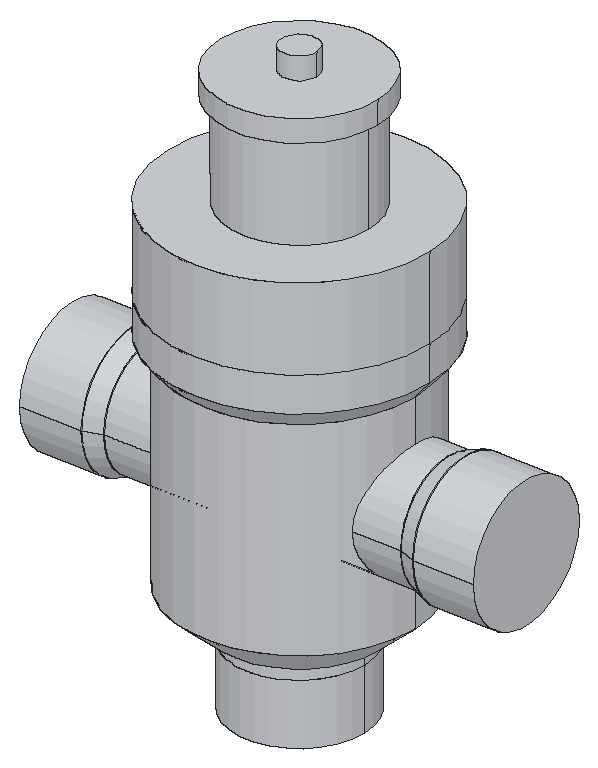
Revit family "VMX09P_DN15_PN16_RFA_2019", category Pipe Accessories, Revit 2019
Family settings
  Round Connector Dimension = Use Diameter
  Part Type = Valve - Breaks Into
  Work Plane-Based = No
  Always vertical = Yes
  Cut with Voids When Loaded = No
  Shared = No
Parameters (values of type "VMX09P G1/2  PN16 kvs0,25")
  magiProductId = ""
  magiProductFamilyId = ""
  magiPartTypeId = 320
  isMeasuringValve [instance] = no
  ang2D [instance] = 0.00°
  Z9 = 7 mm
  Z8 = 4 mm
  Z7__ve = -Z7  # -2.5 mm
  Z7 = 2.5 mm
  Z6 = 8.775 mm
  Z5 = 9.45 mm
  Z3 = 2 mm
  Z2 = 5 mm
  Z1 = 3.75 mm
  X4__ve = -X4  # -7 mm
  X4 = 7 mm
  X3 = 34 mm
  X1 = 5.2 mm
  W2D = 15 mm
  VersionID = ""
  Use Minimum Symbol Size [instance] = no
  URL = "www.hydronix.cz"
  Type Comments = "Závitový, vnější závit, ploché těsnění; LIN charakteristika; PN16; +5~+95°C; max.rychlost proudění 3,0 m/s"
  TL = 52 mm
  R9 = 9 mm
  R8 = 2 mm
  R7 = 15 mm
  R6 = 9 mm
  R5 = 10.214 mm
  R4 = 8.512 mm
  R3 = 7.5 mm
  R2 = 13.3 mm
  R10 = 8 mm
  R1 = 6.75 mm
  QmdConnectorList = "301;D;302;D;303;D"
  Productdata [instance] = ""
  Manufacturer = "Hydronix"
  MT = 1
  MC Product Code = "VMX09P (G1/2\"; dpmax=250kPa; kvs 0,25)"
  MC = yes
  LT2 = 19 mm
  L2D_Min = 30.48 mm
  L2D = 38 mm
  L = 38 mm
  H1 = 23.8 mm
  H = 27 mm
  E = 16 mm
  Description = "3 cestný regulační ventil malých spotřebičů, DN15; zdvih 2,5mm; max dp 250kPa; kvs0,25"
  DT2 = 7.5 mm
  D = 15 mm
  CS = no
  CAT0 = yes
  CAT = no
  C = 25 mm
  Assembly Code = ""
Types (8, lengths in mm): name | Z9 | Z6 | Z5 | Z2 | Z1 | X3 | X1 | W2D | TL | R6 | R5 | R4 | R3 | R2 | R1 | MC Product Code | LT2 | L2D | L | H1 | H | Description | DT2 | D | C
  VMX09P G1/2  PN16 kvs0,25 | 7 | 8.775 | 9.45 | 5 | 3.75 | 34 | 5.2 | 15 | 52 | 9 | 10.214 | 8.512 | 7.5 | 13.3 | 6.75 | "VMX09P (G1/2\"; dpmax=250kPa; kvs 0,25)" | 19 | 38 | 38 | 23.8 | 27 | "3 cestný regulační ventil malých spotřebičů, DN15; zdvih 2,5mm; max dp 250kPa; kvs0,25" | 7.5 | 15 | 25
  VMX10P G1/2  PN16 kvs0,4 | 7 | 8.775 | 9.45 | 5 | 3.75 | 34 | 5.2 | 15 | 52 | 9 | 10.214 | 8.512 | 7.5 | 13.3 | 6.75 | "VMX10P (G1/2\"; dpmax=250kPa; kvs 0,4)" | 19 | 38 | 38 | 23.8 | 27 | "3 cestný regulační ventil malých spotřebičů, DN15; zdvih 2,5mm; max dp 250kPa; kvs0,4" | 7.5 | 15 | 25
  VMX11P G1/2  PN16 kvs0,6 | 7 | 8.775 | 9.45 | 5 | 3.75 | 34 | 5.2 | 15 | 52 | 9 | 10.214 | 8.512 | 7.5 | 13.3 | 6.75 | "VMX11P (G1/2\"; dpmax=250kPa; kvs 0,6)" | 19 | 38 | 38 | 23.8 | 27 | "3 cestný regulační ventil malých spotřebičů, DN15; zdvih 2,5mm; max dp 250kPa; kvs0,6" | 7.5 | 15 | 25
  VMX12P G1/2  PN16 kvs1,0 | 7 | 8.775 | 9.45 | 5 | 3.75 | 34 | 5.2 | 15 | 52 | 9 | 10.214 | 8.512 | 7.5 | 13.3 | 6.75 | "VMX12P (G1/2\"; dpmax=250kPa; kvs 1,0)" | 19 | 38 | 38 | 23.8 | 27 | "3 cestný regulační ventil malých spotřebičů, DN15; zdvih 2,5mm; max dp 250kPa; kvs1,0" | 7.5 | 15 | 25
  VMX13P G1/2  PN16 kvs1,6 | 7 | 8.775 | 9.45 | 5 | 3.75 | 34 | 5.2 | 15 | 52 | 9 | 10.214 | 8.512 | 7.5 | 13.3 | 6.75 | "VMX13P (G1/2\"; dpmax=250kPa; kvs 1,6)" | 19 | 38 | 38 | 23.8 | 27 | "3 cestný regulační ventil malých spotřebičů, DN15; zdvih 2,5mm; max dp 250kPa; kvs1,6" | 7.5 | 15 | 25
  VMX21P G3/4  PN16 kvs2,5 | 8.8 | 8.45 | 9.1 | 6.8 | 5.1 | 38 | 5.6 | 20 | 56 | 12 | 11.29 | 9.408 | 10 | 14.7 | 9 | "VMX21P (G3/4\"; dpmax=150kPa; kvs 2,5)" | 21 | 42 | 42 | 29 | 26 | "3 cestný regulační ventil malých spotřebičů, DN20; zdvih 2,5mm; max dp 150kPa; kvs2,5" | 10 | 20 | 34
  VMX24P G3/4  PN16 kvs4,0 | 8.8 | 8.45 | 9.1 | 6.8 | 5.1 | 38 | 5.6 | 20 | 56 | 12 | 11.29 | 9.408 | 10 | 14.7 | 9 | "VMX24P (G3/4\";  dpmax A-AB=100kPa;  dpmax B-AB=40kPa;  kvs 4,0)" | 21 | 42 | 42 | 29 | 26 | "3 cestný regulační ventil malých spotřebičů, DN20; zdvih 2,5mm; max dp A-AB 100kPa; max dp B-AB 40kPa; kvs4,0" | 10 | 20 | 34
  VMX26P G3/4  PN16 kvs6,0 | 8.8 | 8.45 | 9.1 | 6.8 | 5.1 | 38 | 5.6 | 20 | 56 | 12 | 11.29 | 9.408 | 10 | 14.7 | 9 | "VMX26P (G3/4\";  dpmax A-AB=100kPa;  dpmax B-AB=40kPa;  kvs 6,0)" | 21 | 42 | 42 | 29 | 26 | "3 cestný regulační ventil malých spotřebičů, DN20; zdvih 2,5mm; max dp A-AB 100kPa; max dp B-AB 40kPa; kvs6,0" | 10 | 20 | 34
Reference planes
  plane 1 "Center (Front/Back)": y = 0
  plane 2 "XYPLANE": z = 0
  plane 3 "Center (Left/Right)": x = 0
  plane 4 "271": z = 38
  plane 5 "254": z = 11.55
  plane 6 "253": z = 17.55
  plane 7 "148": z = 40.5
  plane 8 "132": z = 43
  plane 9 "62": z = 13.55
  plane 10 "53": z = 27
  plane 11 "52": z = -12.25
  plane 12 "48": z = -16
  plane 13 "47": z = -18
  plane 14 "38": z = -23
  plane 15 "37": x = 17
  plane 16 "36": x = 19
  plane 17 "23": z = -25
  plane 18 "19": x = -17
  plane 19 "15": x = -19
  plane 20 "6": x = 26
  plane 21 "5": x = -26
  plane 22 "3": z = 0
  plane 23 "2": y = 0
  plane 24 "1": x = 0
Forms (mm)
  Extrusion 1, solid
    sketch origin (-750, 0, -25) x (1, 0, 0) y (0, 1, 0)
      loop
        circle (750, 0) r 7.5
    from 0 to 7 <- "Z9"
  Extrusion 2, solid, visible <- "CAT0"
    sketch origin (-750, 0, 43) x (1, 0, 0) y (0, 1, 0)
      loop
        circle (750, 0) r 2
    from 0 to -2.5 <- "Z7__ve"
  Extrusion 3, solid, visible <- "CAT0"
    sketch origin (-750, 0, 38) x (1, 0, 0) y (0, 1, 0)
      loop
        circle (750, 0) r 8
    from 0 to -19
  Extrusion 4, solid, visible <- "CAT0"
    sketch origin (-17, -750, 0) x (0, 1, 0) y (0, 0, 1)
      loop
        circle (750, 0) r 6.75
    from 0 to 34 <- "X3"
  Extrusion 5, solid
    sketch origin (-750, 0, 13.55) x (1, 0, 0) y (0, 1, 0)
      loop
        circle (750, 0) r 15
    from 0 to 4 <- "Z8"
  Extrusion 6, solid
    sketch origin (-750, 0, 40.5) x (1, 0, 0) y (0, 1, 0)
      loop
        circle (750, 0) r 9
    from 0 to -2.5 <- "Z7__ve"
  Extrusion 7, solid
    sketch origin (-750, 0, 17.55) x (1, 0, 0) y (0, 1, 0)
      loop
        circle (750, 0) r 15
    from 0 to 9.45 <- "Z5"
  Blend 8, solid
    base sketch origin (-750, 0, 11.55) x (1, 0, 0) y (0, 1, 0)
      loop
        circle (750, 0) r 13.3
    top sketch origin (-750, 0, 11.55) x (1, 0, 0) y (0, 1, 0)
      loop
        circle (750, 0) r 15
    from 0 to 2
  Blend 9, solid
    base sketch origin (-750, 0, -12.25) x (1, 0, 0) y (0, 1, 0)
      loop
        circle (750, 0) r 13.3
    top sketch origin (-750, 0, -12.25) x (1, 0, 0) y (0, 1, 0)
      loop
        circle (750, 0) r 9
    from 0 to -3.75
  Extrusion 10, solid
    sketch origin (-750, 0, -18) x (1, 0, 0) y (0, 1, 0)
      loop
        circle (750, 0) r 7.5
    from 0 to 2 <- "Z3"
  Extrusion 11, solid
    sketch origin (26, -750, 0) x (0, 1, 0) y (0, 0, 1)
      loop
        circle (750, 0) r 7.5
    from 0 to -7 <- "X4__ve"
  Blend 12, solid
    base sketch origin (19, -750, 0) x (0, 1, 0) y (0, 0, 1)
      loop
        circle (750, 0) r 7.5
    top sketch origin (19, -750, 0) x (0, 1, 0) y (0, 0, 1)
      loop
        circle (750, 0) r 6.75
    from 0 to -2
  Extrusion 13, solid
    sketch origin (-750, 0, -12.25) x (1, 0, 0) y (0, 1, 0)
      loop
        circle (750, 0) r 13.3
    from 0 to 23.8 <- "H1"
  Blend 14, solid
    base sketch origin (-19, -750, 0) x (0, 1, 0) y (0, 0, 1)
      loop
        circle (750, 0) r 7.5
    top sketch origin (-19, -750, 0) x (0, 1, 0) y (0, 0, 1)
      loop
        circle (750, 0) r 6.75
    from 0 to 2
  Extrusion 15, solid
    sketch origin (-26, -750, 0) x (0, 1, 0) y (0, 0, 1)
      loop
        circle (750, 0) r 7.5
    from 0 to 7 <- "X4"
  Extrusion 16, solid, not visible
    sketch origin (-750, 0, -18) x (1, 0, 0) y (0, 1, 0)
      loop
        circle (750, 0) r 10
    from 0 to 10
  Extrusion 17, solid, not visible
    sketch origin (19, -750, 0) x (0, 1, 0) y (0, 0, 1)
      loop
        circle (750, 0) r 10
    from 0 to -10
  Extrusion 18, solid, not visible
    sketch origin (-19, -750, 0) x (0, 1, 0) y (0, 0, 1)
      loop
        circle (750, 0) r 10
    from 0 to 10
Lines and regions (mm)
  reference lines, not visible
    curve 1: circle (2, 2, 0) r 1 normal (0, 0, 1)
Dimensions and locks
  plane 1 "Center (Front/Back)" to curve 1 = 2 mm
  "Z7": plane 7 "148" to plane 4 "271"
  "Z3": plane 9 "62" to plane 5 "254"
  "Z5": plane 10 "53" to plane 6 "253"
  "Z7": plane 8 "132" to plane 7 "148"
  "E": plane 10 "53" to plane 8 "132"
  "Z8": plane 6 "253" to plane 9 "62"
  "H": plane 2 "XYPLANE" to plane 10 "53"
  "Z1": plane 12 "48" to plane 11 "52"
  "Z3": plane 13 "47" to plane 12 "48"
  "Z2": plane 14 "38" to plane 13 "47"
  "Z3": plane 17 "23" to plane 14 "38"
  locked: plane 16 "36" to plane 15 "37" at 2
  "LT2": plane 3 "Center (Left/Right)" to plane 16 "36"
  "C": plane 2 "XYPLANE" to plane 17 "23"
  locked: plane 19 "15" to plane 18 "19" at 2
  "LT2": plane 3 "Center (Left/Right)" to plane 19 "15"
  "X4": plane 16 "36" to plane 20 "6"
  "X4": plane 19 "15" to plane 21 "5"
  locked: plane 2 "XYPLANE" to plane 22 "3"
  locked: plane 1 "Center (Front/Back)" to plane 23 "2"
  locked: plane 3 "Center (Left/Right)" to plane 24 "1"
  "DT2": radius of Extrusion 1 sketch curve
  "R8": radius of Extrusion 2 sketch curve
  "R10": radius of Extrusion 3 sketch curve
  "R1": radius of Extrusion 4 sketch curve
  "R7": radius of Extrusion 5 sketch curve
  "R9": radius of Extrusion 6 sketch curve
  "R7": radius of Extrusion 7 sketch curve
  "R7": radius of Blend 8 sketch curve
  "R2": radius of Blend 8 sketch curve
  "R6": radius of Blend 9 sketch curve
  "R2": radius of Blend 9 sketch curve
  "DT2": radius of Extrusion 10 sketch curve
  "DT2": radius of Extrusion 11 sketch curve
  "R1": radius of Blend 12 sketch curve
  "DT2": radius of Blend 12 sketch curve
  "R2": radius of Extrusion 13 sketch curve
  "R1": radius of Blend 14 sketch curve
  "DT2": radius of Blend 14 sketch curve
  "DT2": radius of Extrusion 15 sketch curve
  aligned and locked: level to plane 2 "XYPLANE"
  aligned and locked: plane 23 "2" to Extrusion 1 sketch curve
  aligned and locked: plane 24 "1" to Extrusion 1 sketch curve
  aligned and locked: plane 23 "2" to Extrusion 2 sketch curve
  aligned and locked: plane 24 "1" to Extrusion 2 sketch curve
  aligned and locked: plane 23 "2" to Extrusion 3 sketch curve
  aligned and locked: plane 24 "1" to Extrusion 3 sketch curve
  aligned and locked: plane 22 "3" to Extrusion 4 sketch curve
  aligned and locked: Extrusion 4 sketch curve to plane 23 "2"
  aligned and locked: plane 23 "2" to Extrusion 5 sketch curve
  aligned and locked: plane 24 "1" to Extrusion 5 sketch curve
  aligned and locked: plane 23 "2" to Extrusion 6 sketch curve
  aligned and locked: plane 24 "1" to Extrusion 6 sketch curve
  aligned and locked: plane 23 "2" to Extrusion 7 sketch curve
  aligned and locked: plane 24 "1" to Extrusion 7 sketch curve
  aligned and locked: plane 23 "2" to Blend 8 sketch curve  (x2)
  aligned and locked: plane 24 "1" to Blend 8 sketch curve  (x2)
  aligned and locked: plane 9 "62" to Blend 8
  aligned and locked: plane 23 "2" to Blend 9 sketch curve  (x2)
  aligned and locked: plane 24 "1" to Blend 9 sketch curve  (x2)
  aligned and locked: Blend 9 to plane 12 "48"
  aligned and locked: plane 23 "2" to Extrusion 10 sketch curve
  aligned and locked: plane 24 "1" to Extrusion 10 sketch curve
  aligned and locked: plane 22 "3" to Extrusion 11 sketch curve
  aligned and locked: Extrusion 11 sketch curve to plane 23 "2"
  aligned and locked: plane 22 "3" to Blend 12 sketch curve  (x2)
  aligned and locked: Blend 12 sketch curve to plane 23 "2"  (x2)
  aligned and locked: Blend 12 to plane 15 "37"
  aligned and locked: plane 23 "2" to Extrusion 13 sketch curve
  aligned and locked: plane 24 "1" to Extrusion 13 sketch curve
  aligned and locked: plane 22 "3" to Blend 14 sketch curve  (x2)
  aligned and locked: Blend 14 sketch curve to plane 23 "2"  (x2)
  aligned and locked: plane 18 "19" to Blend 14
  aligned and locked: plane 22 "3" to Extrusion 15 sketch curve
  aligned and locked: Extrusion 15 sketch curve to plane 23 "2"
  aligned and locked: plane 23 "2" to Extrusion 16 sketch curve
  aligned and locked: plane 24 "1" to Extrusion 16 sketch curve
  aligned and locked: plane 22 "3" to Extrusion 17 sketch curve
  aligned and locked: Extrusion 17 sketch curve to plane 23 "2"
  aligned and locked: plane 22 "3" to Extrusion 18 sketch curve
  aligned and locked: Extrusion 18 sketch curve to plane 23 "2"
Automatic sketch dimensions
  plane 1 "Center (Front/Back)" to Extrusion 16 sketch curve = 10 mm
  plane 1 "Center (Front/Back)" to Extrusion 17 sketch curve = 10 mm
  plane 1 "Center (Front/Back)" to Extrusion 18 sketch curve = 10 mm
  plane 3 "Center (Left/Right)" to curve 1 = 2 mm
  radius of curve 1 = 1 mm
Connectors
  piping at (-19, 0, 0), diameter 15, driven by "D"
    settings: on Extrusion 18, index 1, connector inside diameter 609.6 mm, connector length 0 mm, flow factor 0, pipe flow 0.0 L/s, pressure drop 0.0 Pa, fitting loss kfactor 0, connector angle 0.00°, fixture units 0, engagement length 0 mm, angle of deflection 0.00°, flow configuration 0, flow direction 0, fitting loss method 0, system type 29, joint type 0, gender type 0, connector reference index -1, connector utility 0, adjustable connector yes, is connector primary yes, connector description ""
  piping at (19, 0, 0), diameter 15, driven by "D"
    settings: on Extrusion 17, index 2, connector inside diameter 609.6 mm, connector length 0 mm, flow factor 0, pipe flow 0.0 L/s, pressure drop 0.0 Pa, fitting loss kfactor 0, connector angle 0.00°, fixture units 0, engagement length 0 mm, angle of deflection 0.00°, flow configuration 0, flow direction 0, fitting loss method 0, system type 29, joint type 0, gender type 0, connector reference index -1, connector utility 0, adjustable connector yes, is connector primary no, connector description ""
  piping at (0, 0, -18), diameter 15, driven by "D"
    settings: on Extrusion 16, index 3, connector inside diameter 609.6 mm, connector length 0 mm, flow factor 0, pipe flow 0.0 L/s, pressure drop 0.0 Pa, fitting loss kfactor 0, connector angle 0.00°, fixture units 0, engagement length 0 mm, angle of deflection 0.00°, flow configuration 0, flow direction 0, fitting loss method 0, system type 29, joint type 0, gender type 0, connector reference index -1, connector utility 0, adjustable connector yes, is connector primary no, connector description ""
